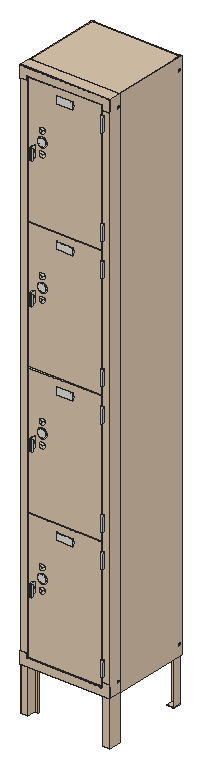
Revit family "Metal_Vented_Lockers-Salsbury_Industries-74000_Series-1_Wide_Units", category Specialty Equipment, Revit 2016 (continued)
Definition of nested family "Metal Locker Legs"
  Automatic sketch dimensions
    plane 17 "Back Edge of Rear Legs" to Extrusion 6 sketch curve = 0.000"
    Extrusion 6 sketch curve to plane 19 "Left Edge or Rear Left Leg" = 0.000"
    plane 20 to Extrusion 6 sketch curve = 0.000"
    Extrusion 6 sketch curve to plane 22 "Inside Edge or Left Rear Leg" = 0.000"
Definition of nested family "Vented Metal Locker Doors-12 inch with Latch Hasps"
  Parameters (values of type "Four Tier Door - 6 foot")
    Width = 9.901"
    Visible = yes
    Vent Array Spacing = 1.187"
    Vent Array 2 = if(Height = 17.360", 10, if(Height = 14.360", 8, if(Height = 11.532", 6, if(Height = 11.463", 6, 0))))  # 10
    Vent Array 1 = Vent Array 2  # 10
    Primary Structure Material = none
    Louver Set Vertical Alignment = 5.710"
    Number Plate Alignment = 0.9375"
    Louver Width = 4.000"
    Hinge 2 Placement = 14.142"
    Hinge 1 Placement = 1.125"
    Height = 17.360"
    Hasp Plate Rivet Material = none
    Hasp Height = 1.438"
    First Vent Placement = 2.875"
    Depth = 0.900"
  Types (4): name | Vent Array 2 | Vent Array 1 | Louver Set Vertical Alignment | Hinge 2 Placement | Height | First Vent Placement
    Six Tier Door - 6 foot | 6 | 6 | 2.731" | 8.449" | 11.532" | 2.3925"
    Five Tier Door - 5 foot | 6 | 6 | 2.826" | 8.188" | 11.463" | 2.3925"
    Four Tier Door - 6 foot | 10 | 10 | 5.710" | 14.142" | 17.360" | 2.875"
    Four Tier Door - 5 foot | 8 | 8 | 4.240" | 11.142" | 14.360" | 2.625"
  Reference planes (in)
    plane 1 "Center (Front/Back)": y = 0
    plane 2 "Bottom of Door": z = 0
    plane 3 "Center (Left/Right)": x = 0
    plane 4 "Center (Top/Bottom)": z = 8.68
    plane 5 "Top of Door": z = 17.36
    plane 6 "Right Side of Door": x = 4.9505
    plane 7 "Left Side of Door": x = -4.9505
    plane 8 "Front of Door": y = -0.45
    plane 9 "Back of Door": y = 0.45
    plane 10 "Top of Number Plate": z = 16.4225
    plane 11 "Top of Hasp Alignment": z = 9.399
    plane 12 "Bottom of Hasp Alignment": z = 7.961
    plane 13 "Left Side of Louvers": x = -2
    plane 14 "Right Side of Louvers": x = 2
    plane 15 "Front of Louvers": y = -0.6375
    plane 16: x = -1.094
    plane 17: x = 1.094
    plane 18: z = 15.4225
    plane 19 "Center Hasp": x = -1.7755
    plane 20 "Top of Hinge 2": z = 3.218
    plane 21 "Top of Hinge 1": z = 16.235
    plane 22 "Left Hasp Hole Align": x = -4.263
    plane 23 "Right Hasp Hole Align": x = -4.013
    plane 24 "Center Hasp Stud Align": z = 10.09841
    plane 25 "Top Hasp Stud Align": z = 11.51682
    plane 26 "Vertical Hasp Stud Align": x = -3.076
    plane 27 "Vertical Center Hasp Align": x = -4.13777
    plane 28: z = 2.875
    plane 29: z = 3.46558
    plane 30: z = 4.062
    plane 31: z = 4.65258
  Forms (in)
    Extrusion 1, solid, material <- "Primary Structure Material", visible <- "Visible"
      sketch origin (0, 0, 0) x (1, 0, 0) y (0, 0, 1)
        loop
          line (-4.9505, 17.36) -> (-4.9505, 0) -> (4.9505, 0) -> (4.9505, 17.36) -> (-4.9505, 17.36)
      from -0.45 to 0.45
    Extrusion 2, solid, material <- "Hasp Plate Rivet Material", visible <- "Visible", detail levels medium+fine
      sketch origin (0, -0.45, 0) x (1, 0, 0) y (0, 0, 1)
        loop
          arc (-1.06847, 16.38695) -> (-1.10166, 15.92421) -> (-1.06847, 15.46147) r 3.2426
          arc (-1.06847, 15.46147) -> (0, 15.42272) -> (1.06847, 15.46147) r 14.75
          arc (1.06847, 15.46147) -> (1.10166, 15.92421) -> (1.06847, 16.38695) r 3.2426
          arc (1.06847, 16.38695) -> (0, 16.41487) -> (-1.06847, 16.38695) r 20.45441
      from 0 to 0.03497
    Extrusion 3, void
      sketch origin (-1.7755, -0.13281, 0.04687) x (0, 0, -1) y (0, -1, 0)
        loop
          circle (-8.35677, -0.16411) r 0.2
      from -0.163 to 0.163
    Extrusion 4, solid, material <- "Primary Structure Material", visible <- "Visible", detail levels medium+fine
      sketch origin (0, 0, 16.235) x (0, -1, 0) y (1, 0, 0)
        loop
          line (0.45, 4.9505) -> (0.575, 4.9505)
          arc (0.575, 4.9505) -> (0.7, 5.0755) -> (0.575, 5.2005) r 0.125
          line (0.575, 5.2005) -> (0.45, 5.2005) -> (0.45, 4.9505)
      from 0 to -2
    Extrusion 5, solid, material <- "Primary Structure Material", visible <- "Visible", detail levels medium+fine
      sketch origin (0, 0, 3.218) x (0, -1, 0) y (1, 0, 0)
        loop
          line (0.45, 4.9505) -> (0.575, 4.9505)
          arc (0.575, 4.9505) -> (0.7, 5.0755) -> (0.575, 5.2005) r 0.125
          line (0.575, 5.2005) -> (0.45, 5.2005) -> (0.45, 4.9505)
      from 0 to -2
    Extrusion 6, void
      sketch origin (0, -0.45, 0) x (1, 0, 0) y (0, 0, 1)
        loop
          line (-4.263, 9.399) -> (-4.263, 7.961) -> (-4.013, 7.961) -> (-4.013, 9.399) -> (-4.263, 9.399)
      from -0.9 to 0
    Blend 7, solid, material <- "Hasp Plate Rivet Material", visible <- "Visible", detail levels fine
      base sketch origin (0, -0.45, 0) x (1, 0, 0) y (0, 0, 1)
        loop
          circle (-3.076, 8.68) r 0.375
      top sketch origin (0, -0.45, 0) x (1, 0, 0) y (0, 0, 1)
        loop
          circle (-3.076, 8.68) r 0.09706
      from 0 to 0.03497
    Blend 8, solid, material <- "Hasp Plate Rivet Material", visible <- "Visible", detail levels fine
      base sketch origin (0, -0.45, 2.83682) x (1, 0, 0) y (0, 0, 1)
        loop
          circle (-3.076, 8.68) r 0.375
      top sketch origin (0, -0.45, 2.83682) x (1, 0, 0) y (0, 0, 1)
        loop
          circle (-3.076, 8.68) r 0.09706
      from 0 to 0.03497
    Blend 9, solid, material <- "Hasp Plate Rivet Material", visible <- "Visible", detail levels fine
      base sketch origin (0, -0.45, -0.16841) x (1, 0, 0) y (0, 0, 1)
        loop
          circle (-3.076, 10.26682) r 0.625
      top sketch origin (0, -0.45, -0.16841) x (1, 0, 0) y (0, 0, 1)
        loop
          circle (-3.076, 10.26682) r 0.58088
      from 0 to 0.03497
    Extrusion 10, solid, material <- "Hasp Plate Rivet Material", visible <- "Visible", detail levels fine
      sketch origin (0, 0, 7.961) x (0, -1, 0) y (1, 0, 0)
        loop
          line (-0.45, -4.07527) -> (-0.45, -4.13777) -> (1.2, -4.13777)
          arc (1.2, -4.13777) -> (1.24419, -4.11946) -> (1.2625, -4.07527) r 0.0625
          line (1.2625, -4.07527) -> (1.2625, -3.76277) -> (1.20579, -3.76277) -> (1.20579, -4.0127)
          arc (1.20579, -4.0127) -> (1.18746, -4.05694) -> (1.14322, -4.07527) r 0.06257
          line (1.14322, -4.07527) -> (-0.45, -4.07527)
      from 0 to 1.438
    Extrusion 11, solid, material <- "Hasp Plate Rivet Material", visible <- "Visible", detail levels fine
      sketch origin (0, 0, 7.961) x (0, -1, 0) y (1, 0, 0)
        loop
          line (-0.45, -4.20027) -> (1.2625, -4.20027) -> (1.2625, -4.13777) -> (-0.45, -4.13777) -> (-0.45, -4.20027)
      from 0 to 1.438
    Extrusion 12, void
      sketch origin (-4.013, 0, 0) x (0, 0, -1) y (0, -1, 0)
        loop
          circle (-8.68, 0.82219) r 0.375
      from 0 to 0.25
  Cuts and joins
    Extrusion 3, Extrusion 6 cuts Extrusion 1
    Extrusion 12 cuts Extrusion 10
    Extrusion 12 cuts Extrusion 11
  Lines and regions (in)
    symbolic lines
      curve 1: line (-4.20027, -0.44719, 7.961) -> (-4.20027, -1.2625, 7.961)
      curve 2: line (-4.20027, -1.2625, 7.961) -> (-4.13777, -1.2625, 7.961)
      curve 3: line (-4.13777, -1.2625, 7.961) -> (-4.13777, -0.45, 7.961)
      curve 4: line (-4.07527, -0.44719, 7.961) -> (-4.07527, -1.14322, 7.961)
      curve 5: line (-4.0127, -1.20579, 7.961) -> (-3.76277, -1.20579, 7.961)
      curve 6: line (-3.76277, -1.20579, 7.961) -> (-3.76277, -1.2625, 7.961)
      curve 7: line (-3.76277, -1.2625, 7.961) -> (-4.07527, -1.2625, 7.961)
      curve 8: arc (-4.07527, -1.14322, 7.961) -> (-4.05694, -1.18746, 7.961) -> (-4.0127, -1.20579, 7.961) r 0.06257
      curve 9: arc (-4.07527, -1.2625, 7.961) -> (-4.11946, -1.24419, 7.961) -> (-4.13777, -1.2, 7.961) r 0.0625
      curve 10: line (-4.013, -0.45, 9.40058) -> (-4.013, -1.26256, 9.40058)
      curve 11: line (-4.013, -1.26256, 9.40058) -> (-4.013, -1.26256, 7.9612)
      curve 12: line (-4.013, -1.26256, 7.9612) -> (-4.013, -0.45309, 7.9612)
      curve 13: line (-4.263, -0.45, 9.399) -> (-4.20027, -0.45, 9.399)
      curve 14: line (-4.263, -0.45, 7.961) -> (-4.263, -0.45, 9.399)
      curve 15: line (-4.20027, -0.45, 7.961) -> (-4.263, -0.45, 7.961)
      curve 16: line (-4.20027, -0.45, 9.399) -> (-4.20027, -0.45, 7.961)
      curve 17: line (-4.20027, -0.45, 9.399) -> (-3.76277, -0.45, 9.399)
      curve 18: line (-4.20027, -0.45, 7.961) -> (-3.76277, -0.45, 7.961)
      curve 19: line (-3.76277, -0.45, 9.399) -> (-3.76277, -0.45, 7.961)
      curve 20: circle (-3.076, -0.45, 11.51682) r 0.371 normal (0, -1, 0)
      curve 21: circle (-3.076, -0.45, 8.68) r 0.375 normal (0, -1, 0)
      curve 22: circle (-3.076, -0.45, 10.09841) r 0.62368 normal (0, -1, 0)
      curve 23: line (-4.9505, -0.45, 17.36) -> (4.9505, -0.45, 17.36)
      curve 24: line (-4.9505, -0.45, 0) -> (-4.9505, -0.45, 17.36)
      curve 25: line (4.9505, -0.45, 0) -> (-4.9505, -0.45, 0)
      curve 26: line (4.9505, -0.45, 17.36) -> (4.9505, -0.45, 0)
  Dimensions and locks (in)
    equal spacing: plane 5 "Top of Door", plane 4 "Center (Top/Bottom)", plane 2 "Bottom of Door"
    "Height": plane 5 "Top of Door" to plane 2 "Bottom of Door"
    equal spacing: plane 8 "Front of Door", plane 1 "Center (Front/Back)", plane 9 "Back of Door"
    "Depth": plane 8 "Front of Door" to plane 9 "Back of Door"
    equal spacing: plane 7 "Left Side of Door", plane 3 "Center (Left/Right)", plane 6 "Right Side of Door"
    "Width": plane 7 "Left Side of Door" to plane 6 "Right Side of Door"
    "Number Plate Alignment": plane 5 "Top of Door" to plane 10 "Top of Number Plate" to plane 18
    equal spacing: plane 13 "Left Side of Louvers", plane 3 "Center (Left/Right)", plane 14 "Right Side of Louvers"
    "Louver Width": plane 13 "Left Side of Louvers" to plane 14 "Right Side of Louvers"
    plane 25 "Top Hasp Stud Align" to plane 24 "Center Hasp Stud Align" to plane 11 "Top of Hasp Alignment" to plane 4 "Center (Top/Bottom)" to plane 12 "Bottom of Hasp Alignment" = 1.41841", 0.69941", 0.719", 0.719"
    "Hasp Height": plane 11 "Top of Hasp Alignment" to plane 12 "Bottom of Hasp Alignment"
    locked: plane 15 "Front of Louvers" to plane 8 "Front of Door" at 0.1875
    plane 16 to plane 3 "Center (Left/Right)" to plane 17 = 1.094" locked, 1.094" locked
    "Hinge 1 Placement": plane 5 "Top of Door" to plane 21 "Top of Hinge 1"
    "Hinge 2 Placement": plane 5 "Top of Door" to plane 20 "Top of Hinge 2"
    plane 7 "Left Side of Door" to plane 22 "Left Hasp Hole Align" to plane 23 "Right Hasp Hole Align" to plane 26 "Vertical Hasp Stud Align" = 0.6875" locked, 0.250" locked, 0.937" locked
    equal spacing: group 1, group 2, group 3, group 4, group 5, group 6, group 13, group 14, group 15, group 16  (x3)
    equal spacing: group 7, group 8, group 9, group 10, group 11, group 12, group 17, group 18, group 19, group 20  (x3)
    "Vent Array Spacing": plane 30 to plane 28
    "First Vent Placement": plane 28 to plane 2 "Bottom of Door"
    "Vent Array Spacing": plane 31 to plane 29
    locked: plane 29 to plane 28 at 0.59058
    aligned and locked: level to plane 2 "Bottom of Door"
    aligned and locked: plane 5 "Top of Door" to Extrusion 1 sketch curve
    aligned and locked: Extrusion 1 sketch curve to plane 7 "Left Side of Door"
    aligned and locked: plane 2 "Bottom of Door" to Extrusion 1 sketch curve
    aligned and locked: plane 6 "Right Side of Door" to Extrusion 1 sketch curve
    aligned and locked: plane 11 "Top of Hasp Alignment" to Extrusion 6 sketch curve
    aligned and locked: Extrusion 6 sketch curve to plane 22 "Left Hasp Hole Align"
    aligned and locked: Extrusion 6 sketch curve to plane 12 "Bottom of Hasp Alignment"
    aligned and locked: plane 23 "Right Hasp Hole Align" to Extrusion 6 sketch curve
    aligned and locked: plane 25 "Top Hasp Stud Align" to Blend 8 sketch curve  (x2)
    aligned and locked: plane 4 "Center (Top/Bottom)" to Blend 7 sketch curve  (x2)
    aligned and locked: plane 24 "Center Hasp Stud Align" to Blend 9 sketch curve  (x2)
    aligned and locked: plane 27 "Vertical Center Hasp Align" to Extrusion 11 sketch curve
    aligned and locked: plane 27 "Vertical Center Hasp Align" to Extrusion 10 sketch curve
    aligned and locked: plane 4 "Center (Top/Bottom)" to Extrusion 12 sketch curve
    aligned and locked: plane 3 "Center (Left/Right)" to nested 1
    aligned and locked: plane 28 to nested 2
    aligned and locked: plane 29 to nested 1
    aligned and locked: plane 30 to nested 3
    aligned and locked: plane 31 to nested 8
    aligned and locked: curve 1 to cut or joined group of Extrusion 11, Extrusion 12
    aligned and locked: curve 2 to cut or joined group of Extrusion 11, Extrusion 12
    aligned and locked: curve 3 to cut or joined group of Extrusion 11, Extrusion 12
    aligned and locked: cut or joined group of Extrusion 10, Extrusion 12 to curve 4
    aligned and locked: curve 5 to cut or joined group of Extrusion 10, Extrusion 12
    aligned and locked: curve 6 to cut or joined group of Extrusion 10, Extrusion 12
    aligned and locked: curve 7 to cut or joined group of Extrusion 10, Extrusion 12
    aligned and locked: curve 10 to nested 12  (x2)
    aligned and locked: curve 13 to cut or joined group of Extrusion 1, Extrusion 3, Extrusion 6
    aligned and locked: curve 14 to cut or joined group of Extrusion 1, Extrusion 3, Extrusion 6
    aligned and locked: cut or joined group of Extrusion 11, Extrusion 12 to curve 15
    aligned and locked: curve 16 to cut or joined group of Extrusion 11, Extrusion 12
    aligned and locked: curve 13 to curve 17
    aligned and locked: curve 19 to cut or joined group of Extrusion 10, Extrusion 12
    aligned and locked: curve 23 to cut or joined group of Extrusion 1, Extrusion 3, Extrusion 6
    aligned and locked: curve 25 to cut or joined group of Extrusion 1, Extrusion 3, Extrusion 6
    aligned and locked: curve 26 to cut or joined group of Extrusion 1, Extrusion 3, Extrusion 6
  Automatic sketch dimensions
    Extrusion 2 sketch curve to plane 3 "Center (Left/Right)" = 0.000"  (x2)
    plane 13 "Left Side of Louvers" to Extrusion 2 sketch curve = 0.14094"
    Extrusion 2 sketch curve to plane 14 "Right Side of Louvers" = 0.14094"
    Extrusion 2 sketch curve to level = 4.03954"
    plane 21 "Top of Hinge 1" to Extrusion 2 sketch curve = 0.31079"  (x2)
    Extrusion 2 sketch curve to plane 5 "Top of Door" = 12.81272"
    Extrusion 2 sketch curve to plane 16 = 0.02553"  (x2)
    plane 17 to Extrusion 2 sketch curve = 0.02553"
    Extrusion 2 sketch curve to plane 18 = 0.03897"
    Extrusion 3 sketch curve to plane 1 "Center (Front/Back)" = 0.0313"
    Extrusion 4 sketch curve to plane 6 "Right Side of Door" = 0.000"
    plane 8 "Front of Door" to Extrusion 4 sketch curve = 0.000"
    Extrusion 4 sketch curve to plane 15 "Front of Louvers" = 0.0625"
    Extrusion 4 sketch curve to plane 6 "Right Side of Door" = 0.125"
    Extrusion 5 sketch curve to plane 6 "Right Side of Door" = 0.000"
    plane 8 "Front of Door" to Extrusion 5 sketch curve = 0.000"
    Extrusion 5 sketch curve to plane 15 "Front of Louvers" = 0.0625"
    Extrusion 5 sketch curve to plane 6 "Right Side of Door" = 0.125"
    plane 26 "Vertical Hasp Stud Align" to Blend 7 sketch curve = 0.000"  (x2)
    plane 26 "Vertical Hasp Stud Align" to Blend 8 sketch curve = 0.000"  (x2)
    plane 26 "Vertical Hasp Stud Align" to Blend 9 sketch curve = 0.000"  (x2)
    Extrusion 10 sketch curve to plane 1 "Center (Front/Back)" = 0.450"
    plane 23 "Right Hasp Hole Align" to Extrusion 10 sketch curve = 0.06227"
    Extrusion 10 sketch curve to plane 23 "Right Hasp Hole Align" = 0.0003"
    plane 15 "Front of Louvers" to Extrusion 10 sketch curve = 0.50572"
    Extrusion 10 sketch curve to Extrusion 10 sketch curve = 0.05678"
    Extrusion 10 sketch curve to Extrusion 10 sketch curve = 0.24993"
    plane 9 "Back of Door" to Extrusion 11 sketch curve = 0.000"
    plane 15 "Front of Louvers" to Extrusion 11 sketch curve = 0.625"
    Extrusion 11 sketch curve to plane 22 "Left Hasp Hole Align" = 0.06273"
    Extrusion 10 sketch curve to Extrusion 10 sketch curve = 0.06257"
    plane 15 "Front of Louvers" to Extrusion 12 sketch curve = 0.18469"
    plane 4 "Center (Top/Bottom)" to Extrusion 3 sketch curve = 0.27635"
    plane 8 "Front of Door" to curve 3 = 0.000"
    curve 8 to plane 23 "Right Hasp Hole Align" = 0.0003"
    curve 9 to curve 4 = 0.000"
    curve 1 to plane 8 "Front of Door" = 0.00281"
    curve 4 to plane 8 "Front of Door" = 0.00281"
    plane 15 "Front of Louvers" to curve 11 = 0.62506"
    curve 12 to plane 12 "Bottom of Hasp Alignment" = 0.0002"
    plane 8 "Front of Door" to curve 12 = 0.00309"
    plane 7 "Left Side of Door" to curve 24 = 0.000"
    curve 22 to plane 24 "Center Hasp Stud Align" = 0.000"
    plane 26 "Vertical Hasp Stud Align" to curve 22 = 0.000"
    curve 21 to plane 4 "Center (Top/Bottom)" = 0.000"
    plane 26 "Vertical Hasp Stud Align" to curve 21 = 0.000"
    curve 20 to plane 25 "Top Hasp Stud Align" = 0.000"
    plane 26 "Vertical Hasp Stud Align" to curve 20 = 0.000"
    radius of Extrusion 3 sketch curve = 0.200"
    radius of Blend 7 sketch curve = 0.375"
    radius of Blend 7 sketch curve = 0.09706"
    radius of Blend 8 sketch curve = 0.375"
    radius of Blend 8 sketch curve = 0.09706"
    radius of Blend 9 sketch curve = 0.625"
    radius of Blend 9 sketch curve = 0.58088"
    radius of Extrusion 12 sketch curve = 0.375"
    radius of curve 20 = 0.371"
    radius of curve 21 = 0.375"
    radius of curve 22 = 0.62368"
  Nested families (in)
    nested 1: "Vents - Horizontal 3" at (0, -0.45, -61.80738), type "Vents - Horizontal 3"
    nested 2: "Vents - Horizontal 2" at (2.6043, -0.45, -60.66388), type "Vents - Horizontal 2"
    nested 3: "Vents - Horizontal 2" at (2.6043, -0.45, -59.47688), type "Vents - Horizontal 2"
    nested 4: "Vents - Horizontal 2" at (2.6043, -0.45, -58.28988), type "Vents - Horizontal 2"
    nested 5: "Vents - Horizontal 2" at (2.6043, -0.45, -57.10288), type "Vents - Horizontal 2"
    nested 6: "Vents - Horizontal 2" at (2.6043, -0.45, -55.91588), type "Vents - Horizontal 2"
    nested 7: "Vents - Horizontal 2" at (2.6043, -0.45, -54.72888), type "Vents - Horizontal 2"
    nested 8: "Vents - Horizontal 3" at (0, -0.45, -60.62038), type "Vents - Horizontal 3"
    nested 9: "Vents - Horizontal 3" at (0, -0.45, -59.43338), type "Vents - Horizontal 3"
    nested 10: "Vents - Horizontal 3" at (0, -0.45, -58.24638), type "Vents - Horizontal 3"
    nested 11: "Vents - Horizontal 3" at (0, -0.45, -57.05938), type "Vents - Horizontal 3"
    nested 12: "Vents - Horizontal 3" at (0, -0.45, -55.87238), type "Vents - Horizontal 3"
    nested 13: "Vents - Horizontal 2" at (2.6043, -0.45, -53.54188), type "Vents - Horizontal 2"
    nested 14: "Vents - Horizontal 2" at (2.6043, -0.45, -52.35488), type "Vents - Horizontal 2"
    nested 15: "Vents - Horizontal 2" at (2.6043, -0.45, -51.16788), type "Vents - Horizontal 2"
    nested 16: "Vents - Horizontal 2" at (2.6043, -0.45, -49.98088), type "Vents - Horizontal 2"
    nested 17: "Vents - Horizontal 3" at (0, -0.45, -54.68538), type "Vents - Horizontal 3"
    nested 18: "Vents - Horizontal 3" at (0, -0.45, -53.49838), type "Vents - Horizontal 3"
    nested 19: "Vents - Horizontal 3" at (0, -0.45, -52.31138), type "Vents - Horizontal 3"
    nested 20: "Vents - Horizontal 3" at (0, -0.45, -51.12438), type "Vents - Horizontal 3"
  Definition of nested family "Vents - Horizontal 3"
    Reference planes (in)
      plane 1 "Center (Front/Back)": y = 0
      plane 2: z = 0
      plane 3 "Center (Left/Right)": x = 0
    Lines and regions (in)
      model lines
        curve 1: spline (1.08625, 0, 65.3981) -> (1.05712, 0, 65.3804) -> (1.03269, 0, 65.36106) -> (1.01334, 0, 65.34039) -> (0.99936, 0, 65.31871) -> (0.99096, 0, 65.29635) -> (0.98829, 0, 65.27365) -> (0.99137, 0, 65.25097) -> (1.00016, 0, 65.22864) -> (1.01452, 0, 65.20702) -> (1.03424, 0, 65.18644) -> (1.05902, 0, 65.16721) -> (1.08846, 0, 65.14963)
        curve 2: line (1.08625, 0, 65.3981) -> (1.73835, 0, 65.64972)
        curve 3: line (1.08846, 0, 65.14963) -> (1.73762, 0, 64.89923)
        curve 4: spline (2.39008, 0, 65.39825) -> (2.41937, 0, 65.38053) -> (2.44394, 0, 65.36117) -> (2.46341, 0, 65.34048) -> (2.47747, 0, 65.31876) -> (2.48591, 0, 65.29637) -> (2.4886, 0, 65.27363) -> (2.4855, 0, 65.25091) -> (2.47665, 0, 65.22855) -> (2.46219, 0, 65.2069) -> (2.44234, 0, 65.18629) -> (2.41742, 0, 65.16704) -> (2.3878, 0, 65.14945)
        curve 5: line (2.39008, 0, 65.39825) -> (1.73835, 0, 65.64972)
        curve 6: line (2.3878, 0, 65.14945) -> (1.73762, 0, 64.89923)
        curve 13: spline (-0.65075, 0, 65.3981) -> (-0.67988, 0, 65.3804) -> (-0.70431, 0, 65.36106) -> (-0.72366, 0, 65.34039) -> (-0.73764, 0, 65.31871) -> (-0.74604, 0, 65.29635) -> (-0.74871, 0, 65.27365) -> (-0.74563, 0, 65.25097) -> (-0.73684, 0, 65.22864) -> (-0.72248, 0, 65.20702) -> (-0.70276, 0, 65.18644) -> (-0.67798, 0, 65.16721) -> (-0.64854, 0, 65.14963)
        curve 14: line (-0.65075, 0, 65.3981) -> (0.00135, 0, 65.64972)
        curve 15: line (-0.64854, 0, 65.14963) -> (0.00062, 0, 64.89923)
        curve 16: spline (0.65308, 0, 65.39825) -> (0.68237, 0, 65.38053) -> (0.70694, 0, 65.36117) -> (0.72641, 0, 65.34048) -> (0.74047, 0, 65.31876) -> (0.74891, 0, 65.29637) -> (0.7516, 0, 65.27363) -> (0.7485, 0, 65.25091) -> (0.73965, 0, 65.22855) -> (0.72519, 0, 65.2069) -> (0.70534, 0, 65.18629) -> (0.68042, 0, 65.16704) -> (0.6508, 0, 65.14945)
        curve 17: line (0.65308, 0, 65.39825) -> (0.00135, 0, 65.64972)
        curve 18: line (0.6508, 0, 65.14945) -> (0.00062, 0, 64.89923)
        curve 19: spline (-2.38775, 0, 65.3981) -> (-2.41688, 0, 65.3804) -> (-2.44131, 0, 65.36106) -> (-2.46066, 0, 65.34039) -> (-2.47464, 0, 65.31871) -> (-2.48304, 0, 65.29635) -> (-2.48571, 0, 65.27365) -> (-2.48263, 0, 65.25097) -> (-2.47384, 0, 65.22864) -> (-2.45948, 0, 65.20702) -> (-2.43976, 0, 65.18644) -> (-2.41498, 0, 65.16721) -> (-2.38554, 0, 65.14963)
        curve 20: line (-2.38775, 0, 65.3981) -> (-1.73565, 0, 65.64972)
        curve 21: line (-2.38554, 0, 65.14963) -> (-1.73638, 0, 64.89923)
        curve 22: spline (-1.08392, 0, 65.39825) -> (-1.05463, 0, 65.38053) -> (-1.03006, 0, 65.36117) -> (-1.01059, 0, 65.34048) -> (-0.99653, 0, 65.31876) -> (-0.98809, 0, 65.29637) -> (-0.9854, 0, 65.27363) -> (-0.9885, 0, 65.25091) -> (-0.99735, 0, 65.22855) -> (-1.01181, 0, 65.2069) -> (-1.03166, 0, 65.18629) -> (-1.05658, 0, 65.16704) -> (-1.0862, 0, 65.14945)
        curve 23: line (-1.08392, 0, 65.39825) -> (-1.73565, 0, 65.64972)
        curve 24: line (-1.0862, 0, 65.14945) -> (-1.73638, 0, 64.89923)
      model lines, not visible
        curve 7: spline (6.02, -6.45464, 72.16015) -> (6.02, -6.43694, 72.13102) -> (6.02, -6.4176, 72.10659) -> (6.02, -6.39694, 72.08724) -> (6.02, -6.37525, 72.07326) -> (6.02, -6.35289, 72.06486) -> (6.02, -6.33019, 72.06219) -> (6.02, -6.30751, 72.06527) -> (6.02, -6.28518, 72.07406) -> (6.02, -6.26356, 72.08842) -> (6.02, -6.24298, 72.10814) -> (6.02, -6.22375, 72.13292) -> (6.02, -6.20617, 72.16236)
        curve 8: line (6.02, -6.45464, 72.16015) -> (6.02, -6.70626, 72.81225)
        curve 9: line (6.02, -6.20617, 72.16236) -> (6.02, -5.95577, 72.81152)
        curve 10: spline (6.02, -6.45479, 73.46398) -> (6.02, -6.43707, 73.49327) -> (6.02, -6.41771, 73.51784) -> (6.02, -6.39702, 73.53731) -> (6.02, -6.3753, 73.55137) -> (6.02, -6.35291, 73.55981) -> (6.02, -6.33017, 73.5625) -> (6.02, -6.30745, 73.5594) -> (6.02, -6.28509, 73.55055) -> (6.02, -6.26344, 73.53609) -> (6.02, -6.24283, 73.51624) -> (6.02, -6.22359, 73.49132) -> (6.02, -6.20599, 73.4617)
        curve 11: line (6.02, -6.45479, 73.46398) -> (6.02, -6.70626, 72.81225)
        curve 12: line (6.02, -6.20599, 73.4617) -> (6.02, -5.95577, 72.81152)
      reference lines
        curve 25: line (-2.54644, 0, 65.27296) -> (2.54933, 0, 65.27296)
    Dimensions and locks (in)
      equal spacing: group 4, group 3, group 2  (x2)
      equal spacing: group 2, group 3, group 4
      aligned and locked: level to plane 2
  Definition of nested family "Vents - Horizontal 2"
    Reference planes (in)
      plane 1 "Center (Front/Back)": y = 0
      plane 2: z = 0
      plane 3 "Center (Left/Right)": x = 0
    Lines and regions (in)
      model lines
        curve 1: spline (-2.82036, 0, 63.41385) -> (-2.79123, 0, 63.43156) -> (-2.7668, 0, 63.45089) -> (-2.74745, 0, 63.47156) -> (-2.73347, 0, 63.49324) -> (-2.72507, 0, 63.5156) -> (-2.72239, 0, 63.5383) -> (-2.72547, 0, 63.56099) -> (-2.73427, 0, 63.58331) -> (-2.74863, 0, 63.60493) -> (-2.76835, 0, 63.62552) -> (-2.79312, 0, 63.64475) -> (-2.82257, 0, 63.66233)
        curve 2: line (-2.82036, 0, 63.41385) -> (-3.47246, 0, 63.16223)
        curve 3: line (-2.82257, 0, 63.66233) -> (-3.47173, 0, 63.91272)
        curve 4: spline (-4.12419, 0, 63.41371) -> (-4.15348, 0, 63.43143) -> (-4.17805, 0, 63.45078) -> (-4.19752, 0, 63.47148) -> (-4.21158, 0, 63.49319) -> (-4.22002, 0, 63.51559) -> (-4.22271, 0, 63.53832) -> (-4.21961, 0, 63.56104) -> (-4.21076, 0, 63.5834) -> (-4.1963, 0, 63.60505) -> (-4.17645, 0, 63.62566) -> (-4.15153, 0, 63.64491) -> (-4.12191, 0, 63.6625)
        curve 5: line (-4.12419, 0, 63.41371) -> (-3.47246, 0, 63.16223)
        curve 6: line (-4.12191, 0, 63.6625) -> (-3.47173, 0, 63.91272)
        curve 13: spline (-1.08336, 0, 63.41385) -> (-1.05423, 0, 63.43156) -> (-1.0298, 0, 63.45089) -> (-1.01045, 0, 63.47156) -> (-0.99647, 0, 63.49324) -> (-0.98807, 0, 63.5156) -> (-0.98539, 0, 63.5383) -> (-0.98847, 0, 63.56099) -> (-0.99727, 0, 63.58331) -> (-1.01163, 0, 63.60493) -> (-1.03135, 0, 63.62552) -> (-1.05612, 0, 63.64475) -> (-1.08557, 0, 63.66233)
        curve 14: line (-1.08336, 0, 63.41385) -> (-1.73546, 0, 63.16223)
        curve 15: line (-1.08557, 0, 63.66233) -> (-1.73473, 0, 63.91272)
        curve 16: spline (-2.38719, 0, 63.41371) -> (-2.41648, 0, 63.43143) -> (-2.44105, 0, 63.45078) -> (-2.46052, 0, 63.47148) -> (-2.47458, 0, 63.49319) -> (-2.48302, 0, 63.51559) -> (-2.48571, 0, 63.53832) -> (-2.48261, 0, 63.56104) -> (-2.47376, 0, 63.5834) -> (-2.4593, 0, 63.60505) -> (-2.43945, 0, 63.62566) -> (-2.41453, 0, 63.64491) -> (-2.38491, 0, 63.6625)
        curve 17: line (-2.38719, 0, 63.41371) -> (-1.73546, 0, 63.16223)
        curve 18: line (-2.38491, 0, 63.6625) -> (-1.73473, 0, 63.91272)
      model lines, not visible
        curve 7: spline (6.02, -6.45464, 72.16015) -> (6.02, -6.43694, 72.13102) -> (6.02, -6.4176, 72.10659) -> (6.02, -6.39694, 72.08724) -> (6.02, -6.37525, 72.07326) -> (6.02, -6.35289, 72.06486) -> (6.02, -6.33019, 72.06219) -> (6.02, -6.30751, 72.06527) -> (6.02, -6.28518, 72.07406) -> (6.02, -6.26356, 72.08842) -> (6.02, -6.24298, 72.10814) -> (6.02, -6.22375, 72.13292) -> (6.02, -6.20617, 72.16236)
        curve 8: line (6.02, -6.45464, 72.16015) -> (6.02, -6.70626, 72.81225)
        curve 9: line (6.02, -6.20617, 72.16236) -> (6.02, -5.95577, 72.81152)
        curve 10: spline (6.02, -6.45479, 73.46398) -> (6.02, -6.43707, 73.49327) -> (6.02, -6.41771, 73.51784) -> (6.02, -6.39702, 73.53731) -> (6.02, -6.3753, 73.55137) -> (6.02, -6.35291, 73.55981) -> (6.02, -6.33017, 73.5625) -> (6.02, -6.30745, 73.5594) -> (6.02, -6.28509, 73.55055) -> (6.02, -6.26344, 73.53609) -> (6.02, -6.24283, 73.51624) -> (6.02, -6.22359, 73.49132) -> (6.02, -6.20599, 73.4617)
        curve 11: line (6.02, -6.45479, 73.46398) -> (6.02, -6.70626, 72.81225)
        curve 12: line (6.02, -6.20599, 73.4617) -> (6.02, -5.95577, 72.81152)
      reference lines
        curve 19: line (-4.25866, 0, 63.53888) -> (-0.94723, 0, 63.53888)
    Dimensions and locks (in)
      group 2 to group 3 = 1.737"
      group 2 to group 3 = 0.000"  (x2)
      aligned and locked: level to plane 2
Definition of nested family "Metal Locker Front Base"
  Parameters (values of type "77742 - for 12" W Lockers with Legs")
    Width = 10.040"
    Visible [instance] = yes
    Version = "1.0 (11/30/15)"
    Type Comments = "Front Base for Standard Metal Lockers"
    Primary Structure Material = none
    Model = "77742"
    MasterFormat Title = ""
    MasterFormat Number = ""
    Manufacturer = "Salsbury Industries"
    Description = "Front Base for 12\" Wide Lockers"
    Depth = 1.185"
    Height = 6.000"
    Assembly Code = ""
  Types (3): name | Width | Visible | Model | Description
    77742 - for 12" W Lockers with Legs | 10.040" | yes | "77742" | "Front Base for 12\" Wide Lockers"
    77745 - for 15" W Lockers with Legs | 13.040" | yes | "77745" | "Front Base for 15\" Wide Lockers"
    None | 10.040" | no | "77742" | "Front Base for 12\" Wide Lockers"
  Reference planes (in)
    plane 1 "Center (Front/Back)": y = -5.417
    plane 2: z = 0
    plane 3 "Center (Left/Right)": x = 0
    plane 4 "Floor": z = 0
    plane 5 "Top of Enclosure": z = 6
    plane 6 "Front of Enclosure": y = -6.005
    plane 7 "Right Side of Enclosure": x = 5.02
    plane 8 "Left Side of Enclosure": x = -5.02
    plane 9 "Back of Enclosure": y = -4.82
  Forms (in)
    Extrusion 1, solid, material <- "Primary Structure Material", visible <- "Visible"
      sketch origin (0, -6.005, 0) x (1, 0, 0) y (0, 0, 1)
        loop
          line (-5.02, 6) -> (-5.02, 0) -> (5.02, 0) -> (5.02, 6) -> (-5.02, 6)
      from -0.06 to 0
    Extrusion 2, solid, material <- "Primary Structure Material", visible <- "Visible"
      sketch origin (0, 0, 0) x (0, 1, 0) y (0, 0, 1)
        loop
          line (-5.945, 6) -> (-5.945, 5.94) -> (-4.82, 5.94) -> (-4.82, 6) -> (-5.945, 6)
      from -5.02 to 5.02
    Extrusion 3, solid, material <- "Primary Structure Material", visible <- "Visible"
      sketch origin (5.02, 0, 0) x (0, 0, -1) y (0, -1, 0)
        loop
          line (-5.75, 5.945) -> (-5.75, 4.82) -> (-0.25, 4.82) -> (-0.25, 5.945) -> (-5.75, 5.945)
      from 0 to 0.06
    Extrusion 4, solid, material <- "Primary Structure Material", visible <- "Visible"
      sketch origin (-5.02, 0, 0) x (0, 0, -1) y (0, -1, 0)
        loop
          line (-5.75, 5.945) -> (-5.75, 4.82) -> (-0.25, 4.82) -> (-0.25, 5.945) -> (-5.75, 5.945)
      from 0 to -0.06
  Dimensions and locks (in)
    "Height": plane 5 "Top of Enclosure" to plane 4 "Floor"
    plane 6 "Front of Enclosure" to plane 1 "Center (Front/Back)" = 0.588"
    "Depth": plane 6 "Front of Enclosure" to plane 9 "Back of Enclosure"
    equal spacing: plane 8 "Left Side of Enclosure", plane 3 "Center (Left/Right)", plane 7 "Right Side of Enclosure"
    "Width": plane 8 "Left Side of Enclosure" to plane 7 "Right Side of Enclosure"
    aligned and locked: level to plane 2
    aligned and locked: plane 8 "Left Side of Enclosure" to Extrusion 2
    aligned and locked: Extrusion 2 to plane 7 "Right Side of Enclosure"
    aligned and locked: Extrusion 1 to plane 7 "Right Side of Enclosure"
  Automatic sketch dimensions
    Extrusion 1 sketch curve to Extrusion 1 sketch curve = 10.040"
    Extrusion 1 sketch curve to Extrusion 1 sketch curve = 6.000"
    Extrusion 2 sketch curve to Extrusion 2 sketch curve = 1.125"
    Extrusion 2 sketch curve to Extrusion 2 sketch curve = 0.060"
    Extrusion 3 sketch curve to Extrusion 3 sketch curve = 5.500"
    Extrusion 3 sketch curve to Extrusion 3 sketch curve = 1.125"
    Extrusion 4 sketch curve to Extrusion 4 sketch curve = 5.500"
    Extrusion 4 sketch curve to Extrusion 4 sketch curve = 1.125"
    Extrusion 1 sketch curve to level = 0.000"
    plane 8 "Left Side of Enclosure" to Extrusion 1 sketch curve = 0.000"
    plane 5 "Top of Enclosure" to Extrusion 2 sketch curve = 0.000"
    Extrusion 2 sketch curve to plane 9 "Back of Enclosure" = 0.000"
    Extrusion 3 sketch curve to plane 9 "Back of Enclosure" = 0.000"
    plane 5 "Top of Enclosure" to Extrusion 3 sketch curve = 0.250"
    Extrusion 4 sketch curve to plane 9 "Back of Enclosure" = 0.000"
    plane 5 "Top of Enclosure" to Extrusion 4 sketch curve = 0.250"
Definition of nested family "Metal Locker Right Side Base"
  Parameters (values of type "77732 Right - for 12" D Lockers with Legs")
    Width including Rivet [instance] = 1.290"
    Visible = yes
    Primary Structure Material = none
    Depth = 10.422"
    Version = "1.0 (11/30/15)"
    Type Comments = "End Base for Standard Metal Lockers"
    Model = "77732"
    MasterFormat Title = ""
    MasterFormat Number = ""
    Manufacturer = "Salsbury Industries"
    Description = "1.25\"W x 6\" H x 10\"D"
    Width = 1.250"
    Height = 6.000"
    Assembly Code = ""
  Types (4): name | Visible | Depth | Model | Description
    77732 Right - for 12" D Lockers with Legs | yes | 10.422" | "77732" | "1.25\"W x 6\" H x 10\"D"
    77735 Right - for 15" D Lockers with Legs | yes | 13.422" | "77735" | "1.25\"W x 6\" H x 13\"D"
    77738 Right - for 18" D Lockers with Legs | yes | 16.422" | "77738" | "1.25\"W x 6\" H x 16\"D"
    None | no | 10.422" | "" | ""
  Reference planes (in)
    plane 1 "Center (Front/Back)": y = 0
    plane 2: z = 0
    plane 3 "Center (Left/Right)": x = 5.395
    plane 4 "Floor": z = 0
    plane 5 "Top of Enclosure": z = 6
    plane 6 "Left Side of Unit": x = 4.77
    plane 7 "Right Side of Unit": x = 6.02
    plane 8 "Left Edge of Enclosure": y = -5.211
    plane 9 "Right Edge of Enclosure": y = 5.211
    plane 10 "Left Edge of Insert": y = -6.27647
    plane 11 "Right Edge of Insert": y = -5.15147
    plane 12 "Rivet Edge": x = 6.06
  Forms (in)
    Extrusion 1, solid, material <- "Primary Structure Material", visible <- "Visible"
      sketch origin (6.02, 0, 0) x (0, 0, -1) y (0, -1, 0)
        loop
          line (-6, 5.211) -> (-6, -5.211) -> (0, -5.211) -> (0, 5.211) -> (-6, 5.211)
      from 0 to 0.06
    Extrusion 2, solid, material <- "Primary Structure Material", visible <- "Visible"
      sketch origin (0, 0, 6) x (0, -1, 0) y (1, 0, 0)
        loop
          line (5.15147, 5.96) -> (5.15147, 5.9) -> (6.27647, 5.9) -> (6.27647, 5.96) -> (5.15147, 5.96)
      from -6 to 0
    Extrusion 3, solid, material <- "Primary Structure Material", visible <- "Visible"
      sketch origin (6.02, 0, 0) x (0, 0, -1) y (0, -1, 0)
        loop
          line (-6, 4.90147) -> (-6, -3.961) -> (-5.94, -3.961) -> (-5.94, 4.90147) -> (-6, 4.90147)
      from 0.06 to 1.25
    Extrusion 4, solid, material <- "Primary Structure Material", visible <- "Visible"
      sketch origin (6.02, 0, -5.94) x (0, 0, -1) y (0, -1, 0)
        loop
          line (-6, 4.90147) -> (-6, -3.961) -> (-5.94, -3.961) -> (-5.94, 4.90147) -> (-6, 4.90147)
      from 0.06 to 1.25
  Dimensions and locks (in)
    "Height": plane 5 "Top of Enclosure" to plane 4 "Floor"
    plane 10 "Left Edge of Insert" to plane 8 "Left Edge of Enclosure" to plane 11 "Right Edge of Insert" = 1.06547" locked, 0.05953" locked
    equal spacing: plane 8 "Left Edge of Enclosure", plane 1 "Center (Front/Back)", plane 9 "Right Edge of Enclosure"
    "Depth": plane 8 "Left Edge of Enclosure" to plane 9 "Right Edge of Enclosure"
    equal spacing: plane 6 "Left Side of Unit", plane 3 "Center (Left/Right)", plane 7 "Right Side of Unit"
    "Width": plane 6 "Left Side of Unit" to plane 7 "Right Side of Unit"
    locked: plane 7 "Right Side of Unit" to plane 12 "Rivet Edge" at 0.04
    "Width including Rivet": plane 6 "Left Side of Unit" to plane 12 "Rivet Edge"
    aligned and locked: level to plane 2
    aligned and locked: plane 11 "Right Edge of Insert" to Extrusion 2
    aligned and locked: plane 10 "Left Edge of Insert" to Extrusion 2
    aligned and locked: Extrusion 3 to Extrusion 1
    aligned and locked: plane 6 "Left Side of Unit" to Extrusion 3
  Automatic sketch dimensions
    plane 5 "Top of Enclosure" to Extrusion 1 sketch curve = 0.000"
    Extrusion 1 sketch curve to level = 0.000"
    Extrusion 2 sketch curve to plane 8 "Left Edge of Enclosure" = 0.05953"
    plane 7 "Right Side of Unit" to Extrusion 2 sketch curve = 0.120"
    Extrusion 2 sketch curve to Extrusion 2 sketch curve = 0.060"
    Extrusion 1 sketch curve to plane 8 "Left Edge of Enclosure" = 0.000"
    Extrusion 1 sketch curve to plane 9 "Right Edge of Enclosure" = 0.000"
    plane 10 "Left Edge of Insert" to Extrusion 2 sketch curve = 0.000"
    plane 5 "Top of Enclosure" to Extrusion 3 sketch curve = 0.000"
    Extrusion 3 sketch curve to Extrusion 3 sketch curve = 0.060"
    plane 9 "Right Edge of Enclosure" to Extrusion 3 sketch curve = 1.250"
    Extrusion 3 sketch curve to plane 11 "Right Edge of Insert" = 0.250"
    Extrusion 4 sketch curve to level = 0.000"
    level to Extrusion 4 sketch curve = 0.060"
    plane 9 "Right Edge of Enclosure" to Extrusion 4 sketch curve = 1.250"
    Extrusion 4 sketch curve to plane 11 "Right Edge of Insert" = 0.250"
Definition of nested family "Metal Locker Left Side Base"
  Parameters (values of type "77732 Left - for 12" D Lockers with Legs")
    Width including Rivet [instance] = 1.290"
    Visible = yes
    Primary Structure Material = none
    Depth = 10.422"
    Version = "1.0 (11/30/15)"
    Type Comments = "End Base for Standard Metal Lockers"
    Model = "77732"
    MasterFormat Title = ""
    MasterFormat Number = ""
    Manufacturer = "Salsbury Industries"
    Description = "1.25\"W x 6\" H x 10\"D"
    Width = 1.250"
    Height = 6.000"
    Assembly Code = ""
  Types (4): name | Visible | Depth | Model | Description
    77732 Left - for 12" D Lockers with Legs | yes | 10.422" | "77732" | "1.25\"W x 6\" H x 10\"D"
    77735 Left - for 15" D Lockers with Legs | yes | 13.422" | "77735" | "1.25\"W x 6\" H x 13\"D"
    77738 Left - for 18" D Lockers with Legs | yes | 16.422" | "77738" | "1.25\"W x 6\" H x 16\"D"
    None | no | 10.422" | "" | ""
  Reference planes (in)
    plane 1 "Center (Front/Back)": y = 0
    plane 2: z = 0
    plane 3 "Center (Left/Right)": x = 5.395
    plane 4 "Floor": z = 0
    plane 5 "Top of Enclosure": z = 6
    plane 6 "Left Side of Unit": x = 4.77
    plane 7 "Right Side of Unit": x = 6.02
    plane 8 "Left Edge of Enclosure": y = -5.211
    plane 9 "Right Edge of Enclosure": y = 5.211
    plane 10 "Left Edge of Insert": y = -6.27647
    plane 11 "Right Edge of Insert": y = -5.15147
    plane 12 "Edge of Rivet": x = 4.73
  Forms (in)
    Extrusion 1, solid, material <- "Primary Structure Material", visible <- "Visible"
      sketch origin (6.02, 0, 0) x (0, 0, -1) y (0, -1, 0)
        loop
          line (-6, 4.90147) -> (-6, -3.961) -> (-5.94, -3.961) -> (-5.94, 4.90147) -> (-6, 4.90147)
      from 0 to 1.19
    Extrusion 2, solid, material <- "Primary Structure Material", visible <- "Visible"
      sketch origin (6.02, 0, -5.94) x (0, 0, -1) y (0, -1, 0)
        loop
          line (-6, 4.90147) -> (-6, -3.961) -> (-5.94, -3.961) -> (-5.94, 4.90147) -> (-6, 4.90147)
      from 0 to 1.19
    Extrusion 3, solid, material <- "Primary Structure Material", visible <- "Visible"
      sketch origin (4.77, 0, 0) x (0, 0, -1) y (0, 1, 0)
        loop
          line (-6, -5.211) -> (0, -5.211) -> (0, 5.211) -> (-6, 5.211) -> (-6, -5.211)
      from 0 to 0.06
    Extrusion 4, solid, material <- "Primary Structure Material", visible <- "Visible"
      sketch origin (10.79, 0, 6) x (0, -1, 0) y (1, 0, 0)
        loop
          line (5.15147, -5.96) -> (6.27647, -5.96) -> (6.27647, -5.9) -> (5.15147, -5.9) -> (5.15147, -5.96)
      from -6 to 0
  Dimensions and locks (in)
    "Height": plane 5 "Top of Enclosure" to plane 4 "Floor"
    plane 10 "Left Edge of Insert" to plane 8 "Left Edge of Enclosure" to plane 11 "Right Edge of Insert" = 1.06547" locked, 0.05953" locked
    equal spacing: plane 8 "Left Edge of Enclosure", plane 1 "Center (Front/Back)", plane 9 "Right Edge of Enclosure"
    "Depth": plane 8 "Left Edge of Enclosure" to plane 9 "Right Edge of Enclosure"
    equal spacing: plane 6 "Left Side of Unit", plane 3 "Center (Left/Right)", plane 7 "Right Side of Unit"
    "Width": plane 6 "Left Side of Unit" to plane 7 "Right Side of Unit"
    "Width including Rivet": plane 12 "Edge of Rivet" to plane 7 "Right Side of Unit"
    plane 12 "Edge of Rivet" to plane 6 "Left Side of Unit" = 0.040"
    aligned and locked: level to plane 2
    aligned and locked: Extrusion 1 to Extrusion 3
    aligned and locked: Extrusion 2 to Extrusion 3
  Automatic sketch dimensions
    plane 5 "Top of Enclosure" to Extrusion 1 sketch curve = 0.000"
    Extrusion 1 sketch curve to Extrusion 1 sketch curve = 0.060"
    plane 9 "Right Edge of Enclosure" to Extrusion 1 sketch curve = 1.250"
    Extrusion 1 sketch curve to plane 11 "Right Edge of Insert" = 0.250"
    Extrusion 2 sketch curve to level = 0.000"
    level to Extrusion 2 sketch curve = 0.060"
    plane 9 "Right Edge of Enclosure" to Extrusion 2 sketch curve = 1.250"
    Extrusion 2 sketch curve to plane 11 "Right Edge of Insert" = 0.250"
    plane 5 "Top of Enclosure" to Extrusion 3 sketch curve = 0.000"
    Extrusion 3 sketch curve to level = 0.000"
    Extrusion 3 sketch curve to plane 8 "Left Edge of Enclosure" = 0.000"
    Extrusion 3 sketch curve to plane 9 "Right Edge of Enclosure" = 0.000"
    plane 11 "Right Edge of Insert" to Extrusion 4 sketch curve = 0.000"
    plane 10 "Left Edge of Insert" to Extrusion 4 sketch curve = 0.000"
    plane 6 "Left Side of Unit" to Extrusion 4 sketch curve = 0.120"
    Extrusion 4 sketch curve to Extrusion 4 sketch curve = 0.060"
Definition of nested family "Metal Locker Zee Base"
  Parameters (values of type "77578 - 12"W x 18" D (Bridge)")
    Width = 12.007"
    Visible = yes
    Version = "1.0 (11/30/15)"
    Type Comments = "Zee Base Kit for Standard Metal Lockers - No Legs"
    Primary Structure Material = none
    Model = "77578"
    MasterFormat Title = ""
    MasterFormat Number = ""
    Manufacturer = "Salsbury Industries"
    Description = "4\" H x 6' L - for 12\" Deep Lockers (Includes 6 Foot Front Base, 2 End Bases, Corner Splicer and 4 Rear Legs)"
    Depth = 18.010"
    Height = 4.000"
    Assembly Code = ""
  Types (7): name | Width | Visible | Model | Depth
    77572- 12" W x 12" D | 12.040" | yes | "77572" | 12.010"
    77575 - 12" W x 15" D | 12.040" | yes | "77575" | 15.010"
    77578 - 12"W x 18"D | 12.040" | yes | "77578" | 18.010"
    77575 - 15"W x 15"D | 15.040" | yes | "77575" | 15.010"
    77578 - 15"W x 18"D | 15.040" | yes | "77578" | 18.010"
    None | 12.040" | no | "77572" | 12.010"
    77578 - 12"W x 18" D (Bridge) | 12.007" | yes | "77578" | 18.010"
  Reference planes (in)
    plane 1 "Center (Front/Back)": y = 0
    plane 2: z = 0
    plane 3 "Center (Left/Right)": x = 0
    plane 4 "Floor": z = 0
    plane 5 "Bottom of Unit": z = 4
    plane 6 "Left Side of Unit": x = -6.0035
    plane 7 "Right Side of Unit": x = 6.0035
    plane 8 "Back of Unit": y = 9.005
    plane 9 "Front of Unit": y = -9.005
    plane 10 "Right Side of Door Opening": x = 5.0035
    plane 11 "Left Side of Door Opening": x = -5.0035
    plane 12 "Top of back legs": z = 4.185
    plane 13 "Back Edge of Front Facing": y = -7.417
    plane 14 "Inside Edge of Front Leg": x = -4.5635
    plane 15 "Inside Edge of Right Leg": x = 4.5635
    plane 16: y = -7.82
    plane 17 "Back Edge of Rear Legs": y = 8.895
    plane 18 "Right Edge of Rear Right Leg": x = 5.8835
    plane 19 "Left Edge or Rear Left Leg": x = -5.8835
    plane 20: y = 7.895
    plane 21 "Inside Edge or Rear Right Leg": x = 4.8835
    plane 22 "Inside Edge or Left Rear Leg": x = -4.8835
  Forms (in)
    Extrusion 1, solid, material <- "Primary Structure Material", visible <- "Visible"
      sketch origin (0, 0, 0) x (0, -1, 0) y (1, 0, 0)
        loop
          line (-8.895, 5.8835) -> (-8.895, 4.8835) -> (-8.835, 4.8835) -> (-8.835, 5.8235) -> (-7.895, 5.8235) -> (-7.895, 5.8835) -> (-8.895, 5.8835)
      from 0.06 to 4.185
    Extrusion 2, solid, material <- "Primary Structure Material", visible <- "Visible"
      sketch origin (0, 0, 0) x (0, -1, 0) y (1, 0, 0)
        loop
          line (-8.895, 5.8835) -> (-8.895, 4.8835) -> (-7.895, 4.8835) -> (-7.895, 5.8835) -> (-8.895, 5.8835)
      from 0 to 0.06
    Extrusion 3, solid, material <- "Primary Structure Material", visible <- "Visible"
      sketch origin (0, 0, 0) x (0, -1, 0) y (1, 0, 0)
        loop
          line (-8.895, -5.8835) -> (-7.895, -5.8835) -> (-7.895, -5.8235) -> (-8.835, -5.8235) -> (-8.835, -4.8835) -> (-8.895, -4.8835) -> (-8.895, -5.8835)
      from 0.06 to 4.185
    Extrusion 4, solid, material <- "Primary Structure Material", visible <- "Visible"
      sketch origin (0, 0, 0) x (0, -1, 0) y (1, 0, 0)
        loop
          line (-8.895, -5.8835) -> (-7.895, -5.8835) -> (-7.895, -4.8835) -> (-8.895, -4.8835) -> (-8.895, -5.8835)
      from 0 to 0.06
    Extrusion 5, solid, material <- "Primary Structure Material", visible <- "Visible"
      sketch origin (0, 0, 0) x (0, 1, 0) y (0, 0, 1)
        loop
          line (-9.005, 4) -> (-9.005, 3.94) -> (-7.417, 3.94) -> (-7.417, 0) -> (-5.769, 0) -> (-5.769, 0.06) -> (-7.357, 0.06) -> (-7.357, 4) -> (-9.005, 4)
      from -6.0035 to 6.0035
  Dimensions and locks (in)
    equal spacing: plane 6 "Left Side of Unit", plane 3 "Center (Left/Right)", plane 7 "Right Side of Unit"
    "Width": plane 6 "Left Side of Unit" to plane 7 "Right Side of Unit"
    "Height": plane 5 "Bottom of Unit" to plane 4 "Floor"
    equal spacing: plane 9 "Front of Unit", plane 1 "Center (Front/Back)", plane 8 "Back of Unit"
    "Depth": plane 9 "Front of Unit" to plane 8 "Back of Unit"
    plane 12 "Top of back legs" to plane 5 "Bottom of Unit" = 0.185"
    plane 6 "Left Side of Unit" to plane 11 "Left Side of Door Opening" = 1.000"
    plane 10 "Right Side of Door Opening" to plane 7 "Right Side of Unit" = 1.000"
    locked: plane 9 "Front of Unit" to plane 13 "Back Edge of Front Facing" at 1.588
    plane 11 "Left Side of Door Opening" to plane 14 "Inside Edge of Front Leg" = 0.440"
    plane 15 "Inside Edge of Right Leg" to plane 10 "Right Side of Door Opening" = 0.440"
    plane 9 "Front of Unit" to plane 16 = 1.185"
    plane 15 "Inside Edge of Right Leg" to plane 21 "Inside Edge or Rear Right Leg" to plane 10 "Right Side of Door Opening" to plane 18 "Right Edge of Rear Right Leg" to plane 7 "Right Side of Unit" = 0.320", 0.120", 0.880", 0.120"
    plane 6 "Left Side of Unit" to plane 19 "Left Edge or Rear Left Leg" to plane 11 "Left Side of Door Opening" to plane 22 "Inside Edge or Left Rear Leg" to plane 14 "Inside Edge of Front Leg" = 0.120", 0.880", 0.120", 0.320"
    plane 20 to plane 17 "Back Edge of Rear Legs" to plane 8 "Back of Unit" = 1.000", 0.110"
    aligned and locked: level to plane 2
    aligned and locked: Extrusion 1 to Extrusion 2
    aligned and locked: Extrusion 4 to Extrusion 3
    aligned and locked: Extrusion 1 to plane 18 "Right Edge of Rear Right Leg"
    aligned and locked: Extrusion 1 to plane 17 "Back Edge of Rear Legs"
    aligned and locked: Extrusion 3 to plane 19 "Left Edge or Rear Left Leg"
    aligned and locked: Extrusion 3 to plane 17 "Back Edge of Rear Legs"
    aligned and locked: Extrusion 1 to plane 12 "Top of back legs"
    aligned and locked: Extrusion 3 to plane 12 "Top of back legs"
    aligned and locked: Extrusion 5 to plane 7 "Right Side of Unit"
    aligned and locked: plane 6 "Left Side of Unit" to Extrusion 5
  Automatic sketch dimensions
    plane 17 "Back Edge of Rear Legs" to Extrusion 1 sketch curve = 0.000"
    Extrusion 1 sketch curve to plane 21 "Inside Edge or Rear Right Leg" = 0.000"
    Extrusion 1 sketch curve to plane 18 "Right Edge of Rear Right Leg" = 0.000"
    plane 20 to Extrusion 1 sketch curve = 0.000"
    plane 17 "Back Edge of Rear Legs" to Extrusion 1 sketch curve = 0.060"
    plane 18 "Right Edge of Rear Right Leg" to Extrusion 1 sketch curve = 0.060"
    plane 17 "Back Edge of Rear Legs" to Extrusion 2 sketch curve = 0.000"
    Extrusion 2 sketch curve to plane 18 "Right Edge of Rear Right Leg" = 0.000"
    plane 20 to Extrusion 2 sketch curve = 0.000"
    Extrusion 2 sketch curve to plane 21 "Inside Edge or Rear Right Leg" = 0.000"
    plane 17 "Back Edge of Rear Legs" to Extrusion 3 sketch curve = 0.000"
    Extrusion 3 sketch curve to plane 22 "Inside Edge or Left Rear Leg" = 0.000"
    Extrusion 3 sketch curve to plane 19 "Left Edge or Rear Left Leg" = 0.000"
    plane 20 to Extrusion 3 sketch curve = 0.000"
    Extrusion 3 sketch curve to plane 17 "Back Edge of Rear Legs" = 0.060"
    Extrusion 3 sketch curve to plane 19 "Left Edge or Rear Left Leg" = 0.060"
    plane 17 "Back Edge of Rear Legs" to Extrusion 4 sketch curve = 0.000"
    Extrusion 4 sketch curve to plane 19 "Left Edge or Rear Left Leg" = 0.000"
    plane 20 to Extrusion 4 sketch curve = 0.000"
    Extrusion 4 sketch curve to plane 22 "Inside Edge or Left Rear Leg" = 0.000"
    Extrusion 5 sketch curve to plane 9 "Front of Unit" = 0.000"
    Extrusion 5 sketch curve to level = 0.000"
    Extrusion 5 sketch curve to plane 13 "Back Edge of Front Facing" = 0.000"
    plane 5 "Bottom of Unit" to Extrusion 5 sketch curve = 0.000"
    Extrusion 5 sketch curve to plane 13 "Back Edge of Front Facing" = 0.060"
    Extrusion 5 sketch curve to Extrusion 5 sketch curve = 1.588"
    level to Extrusion 5 sketch curve = 0.060"
    plane 5 "Bottom of Unit" to Extrusion 5 sketch curve = 0.060"
Definition of nested family "Metal Locker Zee Base-Right Side"
  Parameters (values of type "77578 Right - 18" D")
    Width including Rivet [instance] = 1.290"
    Visible = yes
    Primary Structure Material = none
    Depth = 16.362"
    Version = "1.0 (11/30/15)"
    Type Comments = "Zee Base Kit for Standard Metal Lockers - No Legs"
    Model = "77578"
    MasterFormat Title = ""
    MasterFormat Number = ""
    Manufacturer = "Salsbury Industries"
    Description = "4\" H x 6' L - for 12\" Deep Lockers (Includes 6 Foot Front Base, 2 End Bases, Corner Splicer and 4 Rear Legs)"
    Width = 4.000"
    Height = 4.000"
    Assembly Code = ""
  Types (4): name | Visible | Depth | Type Comments | Model | Description
    77572 Right - 12" D | yes | 10.362" | "Zee Base Kit for Standard Metal Lockers - No Legs" | "77572" | "4\" H x 6' L - for 12\" Deep Lockers (Includes 6 Foot Front Base, 2 End Bases, Corner Splicer and 4 Rear Legs)"
    77575 Right - 15" D | yes | 13.362" | "Zee Base Kit for Standard Metal Lockers - No Legs" | "77575" | "4\" H x 6' L - for 12\" Deep Lockers (Includes 6 Foot Front Base, 2 End Bases, Corner Splicer and 4 Rear Legs)"
    77578 Right - 18" D | yes | 16.362" | "Zee Base Kit for Standard Metal Lockers - No Legs" | "77578" | "4\" H x 6' L - for 12\" Deep Lockers (Includes 6 Foot Front Base, 2 End Bases, Corner Splicer and 4 Rear Legs)"
    None | no | 10.362" | "End Base for Standard Metal Lockers" | "" | ""
  Reference planes (in)
    plane 1 "Center (Front/Back)": y = 0
    plane 2: z = 0
    plane 3 "Center (Left/Right)": x = 3.99
    plane 4 "Floor": z = 0
    plane 5 "Top of Enclosure": z = 4
    plane 6 "Left Edge of Insert": x = 4.77
    plane 7 "Right Side of Unit": x = 5.99
    plane 8 "Left Edge of Enclosure": y = -8.181
    plane 9 "Right Edge of Enclosure": y = 8.181
    plane 10 "Bottom Edge of Enclosure": z = 0.06
    plane 11 "Left Edge of Base": x = 1.99
  Forms (in)
    Extrusion 1, solid, material <- "Primary Structure Material", visible <- "Visible"
      sketch origin (5.99, 0, 0) x (0, 0, -1) y (0, -1, 0)
        loop
          line (-4, 6.93967) -> (-4, -6.931) -> (-3.94, -6.931) -> (-3.94, 6.93967) -> (-4, 6.93967)
      from 0.06 to 1.22
    Extrusion 2, solid, material <- "Primary Structure Material", visible <- "Visible"
      sketch origin (0, 0, 0) x (0, -1, 0) y (1, 0, 0)
        loop
          line (-8.181, 1.99) -> (-8.121, 1.99) -> (-8.121, 5.93) -> (8.121, 5.93) -> (8.121, 1.99) -> (8.181, 1.99) -> (8.181, 5.99) -> (-8.181, 5.99) -> (-8.181, 1.99)
      from 0.06 to 4
  Dimensions and locks (in)
    "Height": plane 5 "Top of Enclosure" to plane 4 "Floor"
    equal spacing: plane 8 "Left Edge of Enclosure", plane 1 "Center (Front/Back)", plane 9 "Right Edge of Enclosure"
    "Depth": plane 8 "Left Edge of Enclosure" to plane 9 "Right Edge of Enclosure"
    "Width": plane 11 "Left Edge of Base" to plane 7 "Right Side of Unit"
    equal spacing: plane 11 "Left Edge of Base", plane 3 "Center (Left/Right)", plane 7 "Right Side of Unit"
    locked: plane 4 "Floor" to plane 10 "Bottom Edge of Enclosure" at 0.06
    aligned and locked: level to plane 2
    aligned and locked: plane 6 "Left Edge of Insert" to Extrusion 1
    aligned and locked: Extrusion 2 to plane 9 "Right Edge of Enclosure"
    aligned and locked: Extrusion 2 to plane 10 "Bottom Edge of Enclosure"
    aligned and locked: plane 11 "Left Edge of Base" to Extrusion 2
  Automatic sketch dimensions
    plane 5 "Top of Enclosure" to Extrusion 1 sketch curve = 0.000"
    Extrusion 1 sketch curve to Extrusion 1 sketch curve = 0.060"
    plane 9 "Right Edge of Enclosure" to Extrusion 1 sketch curve = 1.250"
    Extrusion 1 sketch curve to plane 8 "Left Edge of Enclosure" = 1.24133"
    Extrusion 2 sketch curve to plane 7 "Right Side of Unit" = 0.000"
    plane 9 "Right Edge of Enclosure" to Extrusion 2 sketch curve = 0.000"
    plane 6 "Left Edge of Insert" to Extrusion 2 sketch curve = 2.780"  (x2)
    Extrusion 2 sketch curve to Extrusion 2 sketch curve = 0.060"
    plane 7 "Right Side of Unit" to Extrusion 2 sketch curve = 0.060"
    Extrusion 2 sketch curve to plane 8 "Left Edge of Enclosure" = 0.060"
    Extrusion 2 sketch curve to plane 8 "Left Edge of Enclosure" = 0.000"
Definition of nested family "Metal Locker Zee Base-Left Side"
  Parameters (values of type "77572 Left - 12" D")
    Width including Rivet [instance] = 1.290"
    Visible = yes
    Primary Structure Material = none
    Depth = 10.362"
    Version = "1.0 (11/30/15)"
    Type Comments = "Zee Base Kit for Standard Metal Lockers - No Legs"
    Model = "77572"
    MasterFormat Title = ""
    MasterFormat Number = ""
    Manufacturer = "Salsbury Industries"
    Description = "4\" H x 6' L - for 12\" Deep Lockers (Includes 6 Foot Front Base, 2 End Bases, Corner Splicer and 4 Rear Legs)"
    Width = 4.000"
    Height = 4.000"
    Assembly Code = ""
  Types (4): name | Visible | Depth | Type Comments | Model | Description
    77572 Left - 12" D | yes | 10.362" | "Zee Base Kit for Standard Metal Lockers - No Legs" | "77572" | "4\" H x 6' L - for 12\" Deep Lockers (Includes 6 Foot Front Base, 2 End Bases, Corner Splicer and 4 Rear Legs)"
    77575 Left - 15" D | yes | 13.362" | "Zee Base Kit for Standard Metal Lockers - No Legs" | "77575" | "4\" H x 6' L - for 12\" Deep Lockers (Includes 6 Foot Front Base, 2 End Bases, Corner Splicer and 4 Rear Legs)"
    77578 Left- 18" D | yes | 16.362" | "Zee Base Kit for Standard Metal Lockers - No Legs" | "77578" | "4\" H x 6' L - for 12\" Deep Lockers (Includes 6 Foot Front Base, 2 End Bases, Corner Splicer and 4 Rear Legs)"
    None | no | 10.362" | "End Base for Standard Metal Lockers" | "" | ""
  Reference planes (in)
    plane 1 "Center (Front/Back)": y = 0
    plane 2: z = 0
    plane 3 "Center (Left/Right)": x = 3.99
    plane 4 "Floor": z = 0
    plane 5 "Top of Enclosure": z = 4
    plane 6 "Right Side of Unit": x = 5.99
    plane 7 "Left Edge of Enclosure": y = -5.181
    plane 8 "Right Edge of Enclosure": y = 5.181
    plane 9 "Bottom Edge of Enclosure": z = 0.06
    plane 10 "Left Edge of Base": x = 1.99
    plane 11 "Right Edge of Inser": x = 3.21
  Forms (in)
    Extrusion 1, solid, material <- "Primary Structure Material", visible <- "Visible"
      sketch origin (7.98, 0, 0) x (0, -1, 0) y (1, 0, 0)
        loop
          line (-5.181, -1.99) -> (-5.181, -5.99) -> (5.181, -5.99) -> (5.181, -1.99) -> (5.121, -1.99) -> (5.121, -5.93) -> (-5.121, -5.93) -> (-5.121, -1.99) -> (-5.181, -1.99)
      from 0.06 to 4
    Extrusion 2, solid, material <- "Primary Structure Material", visible <- "Visible"
      sketch origin (1.99, 0, 0) x (0, 0, -1) y (0, 1, 0)
        loop
          line (-4, -3.93967) -> (-3.94, -3.93967) -> (-3.94, 3.931) -> (-4, 3.931) -> (-4, -3.93967)
      from 0.06 to 1.22
  Dimensions and locks (in)
    "Height": plane 5 "Top of Enclosure" to plane 4 "Floor"
    equal spacing: plane 7 "Left Edge of Enclosure", plane 1 "Center (Front/Back)", plane 8 "Right Edge of Enclosure"
    "Depth": plane 7 "Left Edge of Enclosure" to plane 8 "Right Edge of Enclosure"
    "Width": plane 10 "Left Edge of Base" to plane 6 "Right Side of Unit"
    equal spacing: plane 10 "Left Edge of Base", plane 3 "Center (Left/Right)", plane 6 "Right Side of Unit"
    locked: plane 4 "Floor" to plane 9 "Bottom Edge of Enclosure" at 0.06
    aligned and locked: level to plane 2
    aligned and locked: plane 10 "Left Edge of Base" to Extrusion 1
  Automatic sketch dimensions
    plane 8 "Right Edge of Enclosure" to Extrusion 1 sketch curve = 0.000"
    Extrusion 1 sketch curve to plane 6 "Right Side of Unit" = 0.000"  (x2)
    plane 7 "Left Edge of Enclosure" to Extrusion 1 sketch curve = 0.000"
    Extrusion 1 sketch curve to plane 10 "Left Edge of Base" = 0.000"
    Extrusion 1 sketch curve to Extrusion 1 sketch curve = 0.060"
    plane 7 "Left Edge of Enclosure" to Extrusion 1 sketch curve = 0.060"
    plane 10 "Left Edge of Base" to Extrusion 1 sketch curve = 0.060"
    plane 5 "Top of Enclosure" to Extrusion 2 sketch curve = 0.000"
    Extrusion 2 sketch curve to Extrusion 2 sketch curve = 0.060"
    Extrusion 2 sketch curve to plane 7 "Left Edge of Enclosure" = 1.24133"
    plane 8 "Right Edge of Enclosure" to Extrusion 2 sketch curve = 1.250"
